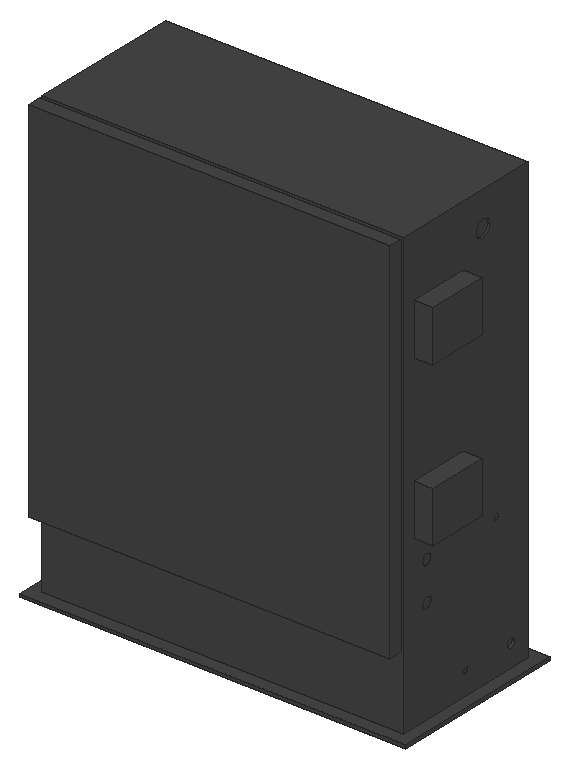
Revit family "SP4182W Revit", category Mechanical Equipment, Revit 2014
Parameters (values of type "Standard")
  d208 = 0' - 0.05"
  d206 = 0' - 0.2"
  d204 = 2' - 10.474"
  d202 = 2' - 3.874"
  d200 = 2' - 1.874"
  d198 = 0' - 0 1/4"
  d196 = 0' - 0 1/4"
  d194 = 0' - 0 1/8"
  d192 = 0' - 0.1"
  d190 = 0' - 0.1"
  d188 = 0' - 0 1/8"
  d186 = 0' - 0 1/4"
  d184 = 0' - 1.45"
  d182 = 0' - 1.45"
  d180 = 0' - 0 1/4"
  d178 = 0' - 0 1/4"
  d176 = 0' - 0 1/4"
  d174 = 0' - 0 1/4"
  d172 = 0' - 0 1/4"
  d170 = 0' - 0 1/4"
  URL = "www.neptronic.com"
  Part Number = "SP4182W"
  Model = "SK310 to SK330 Weather proof"
  Manufacturer = "Neptronic"
  Description = "Electric Resistive Humidifier Weather proof"
  Connector_34_Diameter = 0' - 0"
  Connector_33_Diameter = 0' - 0"
  Connector_32_Diameter = 0' - 0"
  Connector_31_Diameter = 0' - 0"
  Connector_30_Diameter = 0' - 0"
  Connector_29_Diameter = 0' - 0"
  Connector_24_Diameter = 0' - 0"
  Connector_23_Diameter = 0' - 0"
  Connector_22_Diameter = 0' - 0"
Reference planes (in)
  plane 1 "Center (Front/Back)": y = 0
  plane 2: z = 0
  plane 3 "Center (Left/Right)": x = 0
  plane 4: z = 0
  plane 5: z = -0.05
  plane 6: z = 0.2
  plane 7: z = 0
  plane 8: z = 34.474
  plane 9: x = 13.937
  plane 10: x = -13.937
  plane 11: x = 12.937
  plane 12: x = -12.937
  plane 13: x = -13.937
  plane 14: x = -13.687
  plane 15: x = 13.937
  plane 16: x = 13.687
  plane 17: x = 13.937
  plane 18: x = 13.812
  plane 19: x = 13.937
  plane 20: x = 13.837
  plane 21: x = 13.937
  plane 22: x = 13.837
  plane 23: x = 13.937
  plane 24: x = 13.812
  plane 25: x = 13.937
  plane 26: x = 13.687
  plane 27: x = 13.937
  plane 28: x = 15.387
  plane 29: x = 13.937
  plane 30: x = 15.387
  plane 31: z = -0.061
  plane 32: z = 0.189
  plane 33: z = -0.061
  plane 34: z = 0.189
  plane 35: z = -0.061
  plane 36: z = 0.189
  plane 37: z = -0.061
  plane 38: z = 0.189
  plane 39: z = -0.061
  plane 40: z = 0.189
  plane 41: z = -0.061
  plane 42: z = 0.189
Forms (in)
  Extrusion 1, solid
    sketch origin (0, 0, 0) x (-1, 0, 0) y (0, -1, 0)
      loop
        line (14.876, 6.9075) -> (-14.876, 6.9075) -> (-14.876, -6.9075) -> (14.876, -6.9075) -> (14.876, 6.9075)
    from -0.05 to 0.2
  Extrusion 2, solid
    sketch origin (0, 0, 0) x (-1, 0, 0) y (0, -1, 0)
      loop
        line (-13.937, 5.9685) -> (-13.937, -5.9685) -> (13.937, -5.9685) -> (13.937, 5.9685) -> (-13.937, 5.9685)
    from 0 to 34.474
  Extrusion 3, solid
    sketch origin (13.937, 0, 0) x (0, -1, 0) y (0, 0, -1)
      loop
        line (6.2185, -6.002) -> (6.2185, -34.474) -> (7.2905, -34.474) -> (7.2905, -6.002) -> (6.2185, -6.002)
    from 0 to -27.874
  Extrusion 4, solid
    sketch origin (12.937, 0, 0) x (0, -1, 0) y (0, 0, -1)
      loop
        line (5.9685, -33.474) -> (6.2185, -33.474) -> (6.2185, -7.002) -> (5.9685, -7.002) -> (5.9685, -33.474)
    from 0 to -25.874
  Extrusion 5, void
    sketch origin (-13.937, 0, 0) x (0, -1, 0) y (0, 0, -1)
      loop
        circle (-1.6895, -31.78) r 0.6875
    from 0 to 0.25
  Extrusion 6, void
    sketch origin (13.937, 0, 0) x (0, -1, 0) y (0, 0, -1)
      loop
        circle (-1.6895, -31.78) r 0.6875
    from 0 to -0.25
  Extrusion 7, void
    sketch origin (13.937, 0, 0) x (0, -1, 0) y (0, 0, -1)
      loop
        circle (3.7306, -11.27179) r 0.4375
    from 0 to -0.125
  Extrusion 8, void
    sketch origin (13.937, 0, 0) x (0, -1, 0) y (0, 0, -1)
      loop
        circle (-2.9685, -11.2935) r 0.25
    from 0 to -0.1
  Extrusion 9, void
    sketch origin (13.937, 0, 0) x (0, -1, 0) y (0, 0, -1)
      loop
        circle (3.7306, -8.27179) r 0.4375
    from 0 to -0.1
  Extrusion 10, void
    sketch origin (13.937, 0, 0) x (0, -1, 0) y (0, 0, -1)
      loop
        circle (0, -1.939) r 0.25
    from 0 to -0.125
  Extrusion 11, void
    sketch origin (13.937, 0, 0) x (0, -1, 0) y (0, 0, -1)
      loop
        circle (-4.3795, -1.939) r 0.375
    from 0 to -0.25
  Extrusion 12, solid
    sketch origin (13.937, 0, 0) x (0, -1, 0) y (0, 0, -1)
      loop
        line (0.2355, -25.776) -> (0.2355, -29.726) -> (4.9605, -29.726) -> (4.9605, -25.776) -> (0.2355, -25.776)
    from 0 to 1.45
  Extrusion 13, solid
    sketch origin (13.937, 0, 0) x (0, -1, 0) y (0, 0, -1)
      loop
        line (0.2355, -13.276) -> (0.2355, -17.226) -> (4.9605, -17.226) -> (4.9605, -13.276) -> (0.2355, -13.276)
    from 0 to 1.45
  Extrusion 14, void
    sketch origin (0, 0, -0.061) x (0, 1, 0) y (1, 0, 0)
      loop
        circle (2.8207, 11.481) r 0.25
    from 0 to -0.25
  Extrusion 15, void
    sketch origin (0, 0, -0.061) x (0, 1, 0) y (1, 0, 0)
      loop
        circle (-2.95405, 10.62608) r 0.4375
    from 0 to -0.25
  Extrusion 16, void
    sketch origin (0, 0, -0.061) x (0, 1, 0) y (1, 0, 0)
      loop
        circle (1.68675, 8) r 0.6875
    from 0 to -0.25
  Extrusion 17, void
    sketch origin (0, 0, -0.061) x (0, 1, 0) y (1, 0, 0)
      loop
        circle (-2.95405, 7.62608) r 0.4375
    from 0 to -0.25
  Extrusion 18, void
    sketch origin (0, 0, -0.061) x (0, 1, 0) y (1, 0, 0)
      loop
        circle (4.36975, 1.107) r 0.375
    from 0 to -0.25
  Extrusion 19, void
    sketch origin (0, 0, -0.061) x (0, 1, 0) y (1, 0, 0)
      loop
        circle (-0.03175, 0) r 0.25
    from 0 to -0.25
Cuts and joins
  Extrusion 5, Extrusion 6, Extrusion 7, Extrusion 8, Extrusion 9, Extrusion 10, Extrusion 11, Extrusion 14, Extrusion 15, Extrusion 16, Extrusion 17, Extrusion 18, Extrusion 19 cuts Extrusion 1
  Extrusion 5, Extrusion 6, Extrusion 7, Extrusion 8, Extrusion 9, Extrusion 10, Extrusion 11, Extrusion 14, Extrusion 15, Extrusion 16, Extrusion 17, Extrusion 18, Extrusion 19 cuts Extrusion 2
  Extrusion 5, Extrusion 6, Extrusion 7, Extrusion 8, Extrusion 9, Extrusion 10, Extrusion 11, Extrusion 14, Extrusion 15, Extrusion 16, Extrusion 17, Extrusion 18, Extrusion 19 cuts Extrusion 3
  Extrusion 5, Extrusion 6, Extrusion 7, Extrusion 8, Extrusion 9, Extrusion 10, Extrusion 11, Extrusion 14, Extrusion 15, Extrusion 16, Extrusion 17, Extrusion 18, Extrusion 19 cuts Extrusion 4
  Extrusion 14, Extrusion 15, Extrusion 16, Extrusion 17, Extrusion 18, Extrusion 19 cuts Extrusion 12
  Extrusion 14, Extrusion 15, Extrusion 16, Extrusion 17, Extrusion 18, Extrusion 19 cuts Extrusion 13
  joined: Extrusion 1, Extrusion 2, Extrusion 3, Extrusion 4, Extrusion 12, Extrusion 13
Lines and regions (in)
  reference lines
    curve 1: line (-14.876, -6.9075, 0) -> (14.876, -6.9075, 0)
    curve 2: line (14.876, -6.9075, 0) -> (14.876, 6.9075, 0)
    curve 3: line (-14.876, 6.9075, 0) -> (14.876, 6.9075, 0)
    curve 4: line (-14.876, -6.9075, 0) -> (-14.876, 6.9075, 0)
    curve 5: line (13.937, -5.9685, 0) -> (-13.937, -5.9685, 0)
    curve 6: line (-13.937, -5.9685, 0) -> (-13.937, 5.9685, 0)
    curve 7: line (-13.937, 5.9685, 0) -> (13.937, 5.9685, 0)
    curve 8: line (13.937, 5.9685, 0) -> (13.937, -5.9685, 0)
    curve 9: line (13.937, -6.2185, 6.002) -> (13.937, -6.2185, 34.474)
    curve 10: line (13.937, -6.2185, 34.474) -> (13.937, -7.2905, 34.474)
    curve 11: line (13.937, -7.2905, 6.002) -> (13.937, -7.2905, 34.474)
    curve 12: line (13.937, -6.2185, 6.002) -> (13.937, -7.2905, 6.002)
    curve 13: line (12.937, -5.9685, 33.474) -> (12.937, -5.9685, 7.002)
    curve 14: line (12.937, -5.9685, 7.002) -> (12.937, -6.2185, 7.002)
    curve 15: line (12.937, -6.2185, 7.002) -> (12.937, -6.2185, 33.474)
    curve 16: line (12.937, -5.9685, 33.474) -> (12.937, -6.2185, 33.474)
    curve 17: circle (-13.937, 1.6895, 31.78) r 0.6875 normal (1, 0, 0)
    curve 18: circle (13.937, 1.6895, 31.78) r 0.6875 normal (1, 0, 0)
    curve 19: circle (13.937, -3.7306, 11.27179) r 0.4375 normal (1, 0, 0)
    curve 20: circle (13.937, 2.9685, 11.2935) r 0.25 normal (1, 0, 0)
    curve 21: circle (13.937, -3.7306, 8.27179) r 0.4375 normal (1, 0, 0)
    curve 22: circle (13.937, 0, 1.939) r 0.25 normal (1, 0, 0)
    curve 23: circle (13.937, 4.3795, 1.939) r 0.375 normal (1, 0, 0)
    curve 24: line (13.937, -0.2355, 25.776) -> (13.937, -4.9605, 25.776)
    curve 25: line (13.937, -4.9605, 25.776) -> (13.937, -4.9605, 29.726)
    curve 26: line (13.937, -4.9605, 29.726) -> (13.937, -0.2355, 29.726)
    curve 27: line (13.937, -0.2355, 29.726) -> (13.937, -0.2355, 25.776)
    curve 28: line (13.937, -0.2355, 13.276) -> (13.937, -4.9605, 13.276)
    curve 29: line (13.937, -4.9605, 13.276) -> (13.937, -4.9605, 17.226)
    curve 30: line (13.937, -4.9605, 17.226) -> (13.937, -0.2355, 17.226)
    curve 31: line (13.937, -0.2355, 17.226) -> (13.937, -0.2355, 13.276)
    curve 32: circle (11.481, 2.8207, -0.061) r 0.25 normal (0, 0, -1)
    curve 33: circle (10.62608, -2.95405, -0.061) r 0.4375 normal (0, 0, -1)
    curve 34: circle (8, 1.68675, -0.061) r 0.6875 normal (0, 0, -1)
    curve 35: circle (7.62608, -2.95405, -0.061) r 0.4375 normal (0, 0, -1)
    curve 36: circle (1.107, 4.36975, -0.061) r 0.375 normal (0, 0, -1)
    curve 37: circle (0, -0.03175, -0.061) r 0.25 normal (0, 0, -1)
Dimensions and locks (in)
  "d208": plane 5 to plane 4
  "d206": plane 4 to plane 6
  "d204": plane 7 to plane 8
  "d202": plane 10 to plane 9
  "d200": plane 12 to plane 11
  "d198": plane 13 to plane 14
  "d196": plane 16 to plane 15
  "d194": plane 18 to plane 17
  "d192": plane 20 to plane 19
  "d190": plane 22 to plane 21
  "d188": plane 24 to plane 23
  "d186": plane 26 to plane 25
  "d184": plane 27 to plane 28
  "d182": plane 29 to plane 30
  "d180": plane 32 to plane 31
  "d178": plane 34 to plane 33
  "d176": plane 36 to plane 35
  "d174": plane 38 to plane 37
  "d172": plane 40 to plane 39
  "d170": plane 42 to plane 41
  aligned and locked: plane 2 to level
  aligned and locked: Extrusion 1 to plane 6
  aligned and locked: plane 5 to Extrusion 1
  aligned and locked: Extrusion 1 sketch curve to curve 1
  aligned and locked: Extrusion 1 sketch curve to curve 2
  aligned and locked: Extrusion 1 sketch curve to curve 3
  aligned and locked: Extrusion 1 sketch curve to curve 4
  aligned and locked: plane 8 to Extrusion 2
  aligned and locked: Extrusion 2 to plane 7
  aligned and locked: Extrusion 2 sketch curve to curve 5
  aligned and locked: Extrusion 2 sketch curve to curve 6
  aligned and locked: Extrusion 2 sketch curve to curve 7
  aligned and locked: Extrusion 2 sketch curve to curve 8
  aligned and locked: plane 10 to Extrusion 3
  aligned and locked: Extrusion 3 to plane 9
  aligned and locked: Extrusion 3 sketch curve to curve 9
  aligned and locked: Extrusion 3 sketch curve to curve 10
  aligned and locked: Extrusion 3 sketch curve to curve 11
  aligned and locked: Extrusion 3 sketch curve to curve 12
  aligned and locked: plane 12 to Extrusion 4
  aligned and locked: Extrusion 4 to plane 11
  aligned and locked: Extrusion 4 sketch curve to curve 13
  aligned and locked: Extrusion 4 sketch curve to curve 14
  aligned and locked: Extrusion 4 sketch curve to curve 15
  aligned and locked: Extrusion 4 sketch curve to curve 16
  aligned and locked: Extrusion 5 to plane 14
  aligned and locked: Extrusion 5 to plane 13
  aligned and locked: Extrusion 5 sketch curve to curve 17  (x2)
  aligned and locked: Extrusion 6 to plane 16
  aligned and locked: plane 15 to Extrusion 6
  aligned and locked: Extrusion 6 sketch curve to curve 18  (x2)
  aligned and locked: plane 18 to Extrusion 7
  aligned and locked: Extrusion 7 to plane 17
  aligned and locked: Extrusion 7 sketch curve to curve 19  (x2)
  aligned and locked: Extrusion 8 to plane 20
  aligned and locked: plane 19 to Extrusion 8
  aligned and locked: Extrusion 8 sketch curve to curve 20  (x2)
  aligned and locked: plane 22 to Extrusion 9
  aligned and locked: Extrusion 9 to plane 21
  aligned and locked: Extrusion 9 sketch curve to curve 21  (x2)
  aligned and locked: Extrusion 10 to plane 24
  aligned and locked: plane 23 to Extrusion 10
  aligned and locked: Extrusion 10 sketch curve to curve 22  (x2)
  aligned and locked: Extrusion 11 to plane 26
  aligned and locked: plane 25 to Extrusion 11
  aligned and locked: Extrusion 11 sketch curve to curve 23  (x2)
  aligned and locked: Extrusion 12 to plane 28
  aligned and locked: Extrusion 12 to plane 27
  aligned and locked: Extrusion 12 sketch curve to curve 24
  aligned and locked: Extrusion 12 sketch curve to curve 25
  aligned and locked: Extrusion 12 sketch curve to curve 26
  aligned and locked: Extrusion 12 sketch curve to curve 27
  aligned and locked: Extrusion 13 to plane 30
  aligned and locked: Extrusion 13 to plane 29
  aligned and locked: Extrusion 13 sketch curve to curve 28
  aligned and locked: Extrusion 13 sketch curve to curve 29
  aligned and locked: Extrusion 13 sketch curve to curve 30
  aligned and locked: Extrusion 13 sketch curve to curve 31
  aligned and locked: Extrusion 14 to plane 32
  aligned and locked: plane 31 to Extrusion 14
  aligned and locked: Extrusion 14 sketch curve to curve 32  (x2)
  aligned and locked: Extrusion 15 to plane 34
  aligned and locked: plane 33 to Extrusion 15
  aligned and locked: Extrusion 15 sketch curve to curve 33  (x2)
  aligned and locked: Extrusion 16 to plane 36
  aligned and locked: plane 35 to Extrusion 16
  aligned and locked: Extrusion 16 sketch curve to curve 34  (x2)
  aligned and locked: Extrusion 17 to plane 38
  aligned and locked: plane 37 to Extrusion 17
  aligned and locked: Extrusion 17 sketch curve to curve 35  (x2)
  aligned and locked: Extrusion 18 to plane 40
  aligned and locked: plane 39 to Extrusion 18
  aligned and locked: Extrusion 18 sketch curve to curve 36  (x2)
  aligned and locked: Extrusion 19 to plane 42
  aligned and locked: plane 41 to Extrusion 19
  aligned and locked: Extrusion 19 sketch curve to curve 37  (x2)
Connectors (in)
  hvac at (8, 1.68675, -0.05), driven by "Connector_22_Diameter"
    settings: on cut or joined group 1 (Extrusion 1, Extrusion 2, Extrusion 3, Extrusion 4, Extrusion 5, Extrusion 6, Extrusion 7, Extrusion 8, Extrusion 9, Extrusion 10, Extrusion 11, Extrusion 12, Extrusion 13, Extrusion 14, Extrusion 15, Extrusion 16, Extrusion 17, Extrusion 18, Extrusion 19), index 1, duct flow 0 CFM, flow factor 0, pres drop 0.00 in-wg, loss coef 0, conn angle 0.00°, conn width 12", conn height 12", conn diameter 0", duct sys type 29, conn prof type 0, flow config 1, flow direction 2, loss method 0, conn ref index -1, conn util no, is conn primary yes, conn desc "Steam Outlet 1 3/8\" (Roofcurb option)"
  hvac at (-13.937, 1.6895, 31.78), driven by "Connector_23_Diameter"
    settings: on cut or joined group 1, index 2, duct flow 0 CFM, flow factor 0, pres drop 0.00 in-wg, loss coef 0, conn angle 0.00°, conn width 12", conn height 12", conn diameter 0", duct sys type 1, conn prof type 0, flow config 1, flow direction 2, loss method 0, conn ref index -1, conn util no, is conn primary no, conn desc "Steam Outlet 1 3/8\" (STD)"
  hvac at (13.937, 1.6895, 31.78), driven by "Connector_24_Diameter"
    settings: on cut or joined group 1, index 3, duct flow 0 CFM, flow factor 0, pres drop 0.00 in-wg, loss coef 0, conn angle 0.00°, conn width 12", conn height 12", conn diameter 0", duct sys type 1, conn prof type 0, flow config 1, flow direction 2, loss method 0, conn ref index -1, conn util no, is conn primary no, conn desc "Steam Outlet 1 3/8\" (Option)"
  electrical at (13.937, -3.7306, 11.27179)
    settings: on cut or joined group 1, index 4, voltage 0 V, apparent load 0 VA, apparent load phase1 0 VA, apparent load phase2 0 VA, apparent load phase3 0 VA, power factor 0, load classification "Other", number of poles 1, system type 30, power factor state 1, is connector primary yes, connector utility no, sub classification motor no, connector description "Power supply inlet 7/8\" - 1 3/8\" (KO)"
  electrical at (10.62608, -2.95405, -0.05)
    settings: on cut or joined group 1, index 5, voltage 0 V, apparent load 0 VA, apparent load phase1 0 VA, apparent load phase2 0 VA, apparent load phase3 0 VA, power factor 0, load classification "Other", number of poles 1, system type 30, power factor state 1, is connector primary no, connector utility no, sub classification motor no, connector description "Power supply inlet 7/8\" - 1 3/8\" (KO) (Roofcurb option)"
  electrical at (13.937, -3.7306, 8.27179)
    settings: on cut or joined group 1, index 6, voltage 0 V, apparent load 0 VA, apparent load phase1 0 VA, apparent load phase2 0 VA, apparent load phase3 0 VA, power factor 1, load classification "Other", number of poles 1, system type 13, power factor state 1, is connector primary no, connector utility no, sub classification motor no, connector description "Low voltage control inlet 7/8\" - 1 3/8\" (KO)"
  electrical at (7.62608, -2.95405, -0.05)
    settings: on cut or joined group 1, index 7, voltage 0 V, apparent load 0 VA, apparent load phase1 0 VA, apparent load phase2 0 VA, apparent load phase3 0 VA, power factor 1, load classification "Other", number of poles 1, system type 13, power factor state 1, is connector primary no, connector utility no, sub classification motor no, connector description "Low voltage control inlet 7/8\" - 1 3/8\" (KO) (Roofcurb option)"
  piping at (1.107, 4.36975, -0.05), driven by "Connector_29_Diameter"
    settings: on cut or joined group 1, index 8, connector diameter 0", connector inside diameter 24", connector length 0' - 0", flow factor 0, pipe flow 0 GPM, pressure drop 0.00 psi, fitting loss kfactor 0, connector angle 0.00°, fixture units 0, engagement length 0' - 0", angle of deflection 0.00°, flow configuration 1, flow direction 2, fitting loss method 0, system type 16, joint type 0, gender type 0, connector reference index -1, connector utility 0, adjustable connector no, is connector primary yes, connector description "Main drain outlet 3/4\" (Roofcurb option)"
  piping at (0, -0.03175, -0.05), driven by "Connector_30_Diameter"
    settings: on cut or joined group 1, index 9, connector diameter 0", connector inside diameter 24", connector length 0' - 0", flow factor 0, pipe flow 0 GPM, pressure drop 0.00 psi, fitting loss kfactor 0, connector angle 0.00°, fixture units 0, engagement length 0' - 0", angle of deflection 0.00°, flow configuration 1, flow direction 2, fitting loss method 0, system type 16, joint type 0, gender type 0, connector reference index -1, connector utility 0, adjustable connector no, is connector primary no, connector description "Pan drip drain outlet 1/2\" (Roofcurb option)"
  piping at (11.481, 2.8207, -0.05), driven by "Connector_31_Diameter"
    settings: on cut or joined group 1, index 10, connector diameter 0", connector inside diameter 24", connector length 0' - 0", flow factor 0, pipe flow 0 GPM, pressure drop 0.00 psi, fitting loss kfactor 0, connector angle 0.00°, fixture units 0, engagement length 0' - 0", angle of deflection 0.00°, flow configuration 1, flow direction 1, fitting loss method 0, system type 20, joint type 0, gender type 0, connector reference index -1, connector utility 0, adjustable connector no, is connector primary no, connector description "Water inlet 1/2\" Male NPT (Roofcurb option)"
  piping at (13.937, 2.9685, 11.2935), driven by "Connector_32_Diameter"
    settings: on cut or joined group 1, index 11, connector diameter 0", connector inside diameter 24", connector length 0' - 0", flow factor 0, pipe flow 0 GPM, pressure drop 0.00 psi, fitting loss kfactor 0, connector angle 0.00°, fixture units 0, engagement length 0' - 0", angle of deflection 0.00°, flow configuration 1, flow direction 1, fitting loss method 0, system type 20, joint type 0, gender type 0, connector reference index -1, connector utility 0, adjustable connector no, is connector primary no, connector description "Water inlet 1/2\" Male NPT (STD)"
  piping at (13.937, 4.3795, 1.939), driven by "Connector_33_Diameter"
    settings: on cut or joined group 1, index 12, connector diameter 0", connector inside diameter 24", connector length 0' - 0", flow factor 0, pipe flow 0 GPM, pressure drop 0.00 psi, fitting loss kfactor 0, connector angle 0.00°, fixture units 0, engagement length 0' - 0", angle of deflection 0.00°, flow configuration 1, flow direction 2, fitting loss method 0, system type 16, joint type 0, gender type 0, connector reference index -1, connector utility 0, adjustable connector no, is connector primary no, connector description "Main drain outlet 3/4\" (STD)"
  piping at (13.937, 0, 1.939), driven by "Connector_34_Diameter"
    settings: on cut or joined group 1, index 13, connector diameter 0", connector inside diameter 24", connector length 0' - 0", flow factor 0, pipe flow 0 GPM, pressure drop 0.00 psi, fitting loss kfactor 0, connector angle 0.00°, fixture units 0, engagement length 0' - 0", angle of deflection 0.00°, flow configuration 1, flow direction 2, fitting loss method 0, system type 16, joint type 0, gender type 0, connector reference index -1, connector utility 0, adjustable connector no, is connector primary no, connector description "Pan drip drain outlet 1/2\" (STD)"
